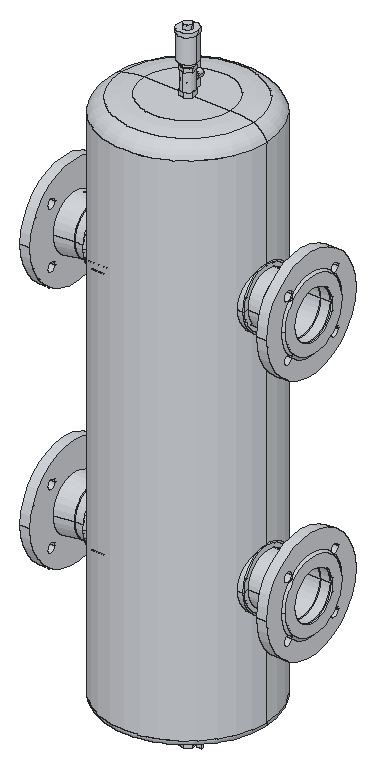
Revit family "Magnetic Dirt-Separator - R146IY110", category Plumbing Fixtures, Revit 2015
Reference planes
  plane 1 "Center (Front/Back)": y = 0
  plane 2: z = 0
  plane 3 "Center (Left/Right)": x = 0
  plane 4: y = 27.082
  plane 5: y = -27.082
  plane 6: y = 27.082
  plane 7: y = -27.082
  plane 8: y = 27.082
  plane 9: y = -27.082
  plane 10: z = 1284
  plane 11: z = 852
  plane 12: z = 352
  plane 13: x = 250
  plane 14: x = -250
  plane 15: x = -157
  plane 16: x = 157
  plane 17: y = 27.082
  plane 18: y = -27.082
  plane 19: y = 27.082
  plane 20: y = -27.082
  plane 21: y = 27.082
  plane 22: y = -27.082
Forms (mm)
  Revolve 1, solid
    sketch origin (0, 0, 3) x (1, 0, 0) y (0, 0, 1)
      loop
        line (-157, 1123.238) -> (-157, 90.761)
        arc (-157, 90.761) -> (-156.21, 86.246) -> (-153.935, 82.267) r 13.306
        arc (-153.935, 82.267) -> (-118.697, 65.042) -> (-80.023, 58.503) r 137.074
        line (-80.023, 58.503) -> (0, 58.503) -> (0, 1154.23) -> (-85.092, 1154.23)
        arc (-85.092, 1154.23) -> (-107.817, 1152.565) -> (-130.188, 1148.24) r 193.539
        arc (-130.188, 1148.24) -> (-146.791, 1139.167) -> (-157, 1123.238) r 38.188
      axis (0, 1154.23) -> (0, 58.503)
    angle from 0 to 360
  Extrusion 2, solid
    sketch origin (-37.5, 0, 28.737) x (0, 1, 0) y (0, 0, -1)
      loop
        circle (0, -323.263) r 50
    from -222.5 to 147.5
  Extrusion 3, solid
    sketch origin (0, 0, 37.792) x (0, -1, 0) y (1, 0, 0)
      loop
        line (-9.899, 9.899) -> (-13.523, -3.623) -> (-3.623, -13.523) -> (9.899, -9.899) -> (13.523, 3.623) -> (3.623, 13.523) -> (-9.899, 9.899)
    from 7.343 to 14.343
  Extrusion 4, solid
    sketch origin (0, 0, 53.87) x (0, -1, 0) y (1, 0, 0)
      loop
        circle (0, 0) r 12
    from -1.736 to 1.264
  Extrusion 5, solid
    sketch origin (0, 0, 49.331) x (0, -1, 0) y (1, 0, 0)
      loop
        circle (0, 0) r 13
    from 5.803 to 12.803
  Revolve 6, solid
    sketch origin (16.384, 0, 28.102) x (1, 0, 0) y (0, 1, 0)
      loop
        line (0.632, -8.291) -> (12.097, -8.291) -> (12.563, -7.291) -> (6.89, -7.291) -> (6.89, -2.2) -> (10.212, -2.2) -> (10.212, 0) -> (-27.115, 0) -> (-27.115, -7) -> (0.632, -7) -> (0.632, -8.291)
      axis (-27.115, 0) -> (12.563, 0)
    angle from 0 to 360
  Extrusion 7, solid
    sketch origin (0, -1, -5.625) x (-1, 0, 0) y (0, 0, 1)
      loop
        line (-17.015, 41.903) -> (-17.015, 47.933) -> (-19.099, 58.652) -> (-28.947, 58.652) -> (-28.947, 42.73) -> (-28.47, 41.903) -> (-17.015, 41.903)
      loop
        line (-19.099, 8.802) -> (-17.015, 19.522) -> (-17.015, 25.572) -> (-28.458, 25.572) -> (-28.947, 24.724) -> (-28.947, 8.802) -> (-19.099, 8.802)
    from 0 to 2
  SweptBlend 8, solid
    path origin (85, 0, 5) x (1, 0, 0) y (0, 0, 1)
      loop
        line (140, 347) -> (100, 347)
    profile origin (225, 0, 352) x (0, 0, -1) y (0, -1, 0)
      loop
        circle (0, 0) r 55
    end profile origin (185, 0, 352) x (0, 0, -1) y (0, -1, 0)
      loop
        circle (0, 0) r 50
  Extrusion 9, solid
    sketch origin (-147.5, 0, 28.737) x (0, 1, 0) y (0, 0, 1)
      loop
        circle (0, 323.263) r 110
    from -97.5 to -77.5
  SweptBlend 10, solid
    path origin (-85, 0, 5) x (-1, 0, 0) y (0, 0, -1)
      loop
        line (140, -347) -> (100, -347)
    profile origin (-225, 0, 352) x (0, 0, 1) y (0, -1, 0)
      loop
        circle (0, 0) r 55
    end profile origin (-185, 0, 352) x (0, 0, 1) y (0, -1, 0)
      loop
        circle (0, 0) r 50
  SweptBlend 11, solid
    path origin (-377.5, 0, 5) x (1, 0, 0) y (0, 0, 1)
      loop
        line (132.5, 347) -> (127.5, 347)
    profile origin (-245, 0, 352) x (0, 0, -1) y (0, -1, 0)
      loop
        circle (0, 0) r 75
    end profile origin (-250, 0, 352) x (0, 0, -1) y (0, -1, 0)
      loop
        circle (0, 0) r 70
  Extrusion 12, solid
    sketch origin (0, 0, -7.343) x (0, -1, 0) y (1, 0, 0)
      loop
        line (-9.899, 9.899) -> (-13.523, -3.623) -> (-3.623, -13.523) -> (9.899, -9.899) -> (13.523, 3.623) -> (3.623, 13.523) -> (-9.899, 9.899)
    from 7.343 to 17.343
  Extrusion 13, solid
    sketch origin (0, 0, 36.27) x (0, -1, 0) y (1, 0, 0)
      loop
        circle (0, 0) r 13
    from -26.27 to 8.865
  Extrusion 14, solid
    sketch origin (147.5, 0, 28.737) x (0, 1, 0) y (0, 0, -1)
      loop
        circle (0, -323.263) r 110
    from -97.5 to -77.5
  SweptBlend 15, solid
    path origin (377.5, 0, 5) x (-1, 0, 0) y (0, 0, -1)
      loop
        line (132.5, -347) -> (127.5, -347)
    profile origin (245, 0, 352) x (0, 0, 1) y (0, -1, 0)
      loop
        circle (0, 0) r 75
    end profile origin (250, 0, 352) x (0, 0, 1) y (0, -1, 0)
      loop
        circle (0, 0) r 70
  Extrusion 16, void
    sketch origin (85, -12.5, 5) x (0, 1, 0) y (0, 0, 1)
      loop
        circle (-45.307, 403.596) r 10
    from 134.322 to 170
  Extrusion 17, void
    sketch origin (85, 103.114, 5) x (0, 1, 0) y (0, 0, 1)
      loop
        circle (-45.307, 403.596) r 10
    from 134.322 to 170
  Extrusion 18, void
    sketch origin (85, 103.114, -108.193) x (0, 1, 0) y (0, 0, 1)
      loop
        circle (-45.307, 403.596) r 10
    from 134.322 to 170
  Extrusion 19, void
    sketch origin (85, -12.5, -108.193) x (0, 1, 0) y (0, 0, 1)
      loop
        circle (-45.307, 403.596) r 10
    from 134.322 to 170
  Extrusion 20, void
    sketch origin (-385, 103.114, 5) x (0, 1, 0) y (0, 0, 1)
      loop
        circle (-45.307, 403.596) r 10
    from 127.052 to 170
  Extrusion 21, void
    sketch origin (-385, 103.114, -108.193) x (0, 1, 0) y (0, 0, 1)
      loop
        circle (-45.307, 403.596) r 10
    from 129.816 to 170
  Extrusion 22, void
    sketch origin (-385, -12.5, -108.193) x (0, 1, 0) y (0, 0, 1)
      loop
        circle (-45.307, 403.596) r 10
    from 129.816 to 170
  Extrusion 23, void
    sketch origin (-385, -12.5, 5) x (0, 1, 0) y (0, 0, 1)
      loop
        circle (-45.307, 403.596) r 10
    from 129.816 to 170
  Revolve 24, solid
    sketch origin (0, 0, 352) x (1, 0, 0) y (0, 1, 0)
      loop
        line (-160.945, 50.471) -> (159.414, 50.471) -> (159.414, 58.822)
        arc (159.414, 58.822) -> (158.976, 59.878) -> (157.921, 60.315) r 1.492
        line (157.921, 60.315) -> (-159.453, 60.315)
        arc (-159.453, 60.315) -> (-160.508, 59.878) -> (-160.945, 58.822) r 1.492
        line (-160.945, 58.822) -> (-160.945, 50.471)
      axis (159.414, 0) -> (-160.945, 0)
    angle from 0 to 360
  Sweep 25, void
    path origin (0, 0, 90) x (1, 0, 0) y (0, 1, 0)
      loop
        line (-310, 0) -> (310, 0)
    profile origin (0, 0, 90) x (0, 1, 0) y (0, 0, 1)
      loop
        circle (0, 262) r 48
  Extrusion 26, solid
    sketch origin (0, 0, 1156.524) x (1, 0, 0) y (0, 1, 0)
      loop
        line (9.899, 9.899) -> (-3.623, 13.523) -> (-13.523, 3.623) -> (-9.899, -9.899) -> (3.623, -13.523) -> (13.523, -3.623) -> (9.899, 9.899)
    from -0.077 to 10.593
  Extrusion 27, solid
    sketch origin (0, 0, 1194.909) x (0, -1, 0) y (1, 0, 0)
      loop
        line (-9.899, 9.899) -> (-13.523, -3.623) -> (-3.623, -13.523) -> (9.899, -9.899) -> (13.523, 3.623) -> (3.623, 13.523) -> (-9.899, 9.899)
    from 7.343 to 14.343
  Extrusion 28, solid
    sketch origin (0, 0, 1210.987) x (0, -1, 0) y (1, 0, 0)
      loop
        circle (0, 0) r 12
    from -1.736 to 1.264
  Extrusion 29, solid
    sketch origin (0, 0, 1206.448) x (0, -1, 0) y (1, 0, 0)
      loop
        circle (0, 0) r 13
    from 5.803 to 12.803
  Revolve 30, solid
    sketch origin (0, 16.384, 1185.219) x (0, 1, 0) y (-1, 0, 0)
      loop
        line (0.632, -8.291) -> (12.097, -8.291) -> (12.563, -7.291) -> (6.89, -7.291) -> (6.89, -2.2) -> (10.212, -2.2) -> (10.212, 0) -> (-27.115, 0) -> (-27.115, -7) -> (0.632, -7) -> (0.632, -8.291)
      axis (-27.115, 0) -> (12.563, 0)
    angle from 0 to 360
  Extrusion 31, solid
    sketch origin (1, 0, 1151.492) x (0, -1, 0) y (0, 0, 1)
      loop
        line (-17.015, 41.903) -> (-17.015, 47.933) -> (-19.099, 58.652) -> (-28.947, 58.652) -> (-28.947, 42.73) -> (-28.47, 41.903) -> (-17.015, 41.903)
      loop
        line (-19.099, 8.802) -> (-17.015, 19.522) -> (-17.015, 25.572) -> (-28.458, 25.572) -> (-28.947, 24.724) -> (-28.947, 8.802) -> (-19.099, 8.802)
    from 0 to 2
  Extrusion 32, solid
    sketch origin (0, 0, 1193.387) x (0, -1, 0) y (1, 0, 0)
      loop
        circle (0, 0) r 13
    from -26.27 to 8.865
  Extrusion 33, solid
    sketch origin (0, 0, 1276) x (1, 0, 0) y (0, 1, 0)
      loop
        circle (0, 0) r 8
    from 0 to 8
  Extrusion 34, solid
    sketch origin (0, 0, 1269) x (1, 0, 0) y (0, 1, 0)
      loop
        circle (0, 0) r 20
    from 0 to 7
  Extrusion 35, solid
    sketch origin (0, 0, 1250.505) x (1, 0, 0) y (0, 1, 0)
      loop
        circle (0, 0) r 18
    from -31.254 to 18.495
  Extrusion 36, solid
    sketch origin (-37.5, 0, 528.737) x (0, 1, 0) y (0, 0, -1)
      loop
        circle (0, -323.263) r 50
    from -222.5 to 147.5
  SweptBlend 37, solid
    path origin (85, 0, 505) x (1, 0, 0) y (0, 0, 1)
      loop
        line (140, 347) -> (100, 347)
    profile origin (225, 0, 852) x (0, 0, -1) y (0, -1, 0)
      loop
        circle (0, 0) r 55
    end profile origin (185, 0, 852) x (0, 0, -1) y (0, -1, 0)
      loop
        circle (0, 0) r 50
  Extrusion 38, solid
    sketch origin (-147.5, 0, 528.737) x (0, 1, 0) y (0, 0, 1)
      loop
        circle (0, 323.263) r 110
    from -97.5 to -77.5
  SweptBlend 39, solid
    path origin (-85, 0, 505) x (-1, 0, 0) y (0, 0, -1)
      loop
        line (140, -347) -> (100, -347)
    profile origin (-225, 0, 852) x (0, 0, 1) y (0, -1, 0)
      loop
        circle (0, 0) r 55
    end profile origin (-185, 0, 852) x (0, 0, 1) y (0, -1, 0)
      loop
        circle (0, 0) r 50
  SweptBlend 40, solid
    path origin (-377.5, 0, 505) x (1, 0, 0) y (0, 0, 1)
      loop
        line (132.5, 347) -> (127.5, 347)
    profile origin (-245, 0, 852) x (0, 0, -1) y (0, -1, 0)
      loop
        circle (0, 0) r 75
    end profile origin (-250, 0, 852) x (0, 0, -1) y (0, -1, 0)
      loop
        circle (0, 0) r 70
  Extrusion 41, solid
    sketch origin (147.5, 0, 528.737) x (0, 1, 0) y (0, 0, -1)
      loop
        circle (0, -323.263) r 110
    from -97.5 to -77.5
  SweptBlend 42, solid
    path origin (377.5, 0, 505) x (-1, 0, 0) y (0, 0, -1)
      loop
        line (132.5, -347) -> (127.5, -347)
    profile origin (245, 0, 852) x (0, 0, 1) y (0, -1, 0)
      loop
        circle (0, 0) r 75
    end profile origin (250, 0, 852) x (0, 0, 1) y (0, -1, 0)
      loop
        circle (0, 0) r 70
  Extrusion 43, void
    sketch origin (85, -12.5, 505) x (0, 1, 0) y (0, 0, 1)
      loop
        circle (-45.307, 403.596) r 10
      loop
        circle (70.307, 403.596) r 10
      loop
        circle (70.307, 290.404) r 10
      loop
        circle (-45.307, 290.404) r 10
    from 134.322 to 170
  Extrusion 44, void
    sketch origin (-385, 103.114, 505) x (0, 1, 0) y (0, 0, 1)
      loop
        circle (-45.307, 403.596) r 10
      loop
        circle (-160.921, 403.596) r 10
      loop
        circle (-160.921, 290.404) r 10
      loop
        circle (-45.307, 290.404) r 10
    from 127.052 to 170
  Revolve 45, solid
    sketch origin (0, 0, 852) x (1, 0, 0) y (0, 1, 0)
      loop
        line (-160.945, 50.471) -> (159.414, 50.471) -> (159.414, 58.822)
        arc (159.414, 58.822) -> (158.976, 59.878) -> (157.921, 60.315) r 1.492
        line (157.921, 60.315) -> (-159.453, 60.315)
        arc (-159.453, 60.315) -> (-160.508, 59.878) -> (-160.945, 58.822) r 1.492
        line (-160.945, 58.822) -> (-160.945, 50.471)
      axis (159.414, 0) -> (-160.945, 0)
    angle from 0 to 360
  Sweep 46, void
    path origin (0, 0, 0) x (1, 0, 0) y (0, 0, 1)
      loop
        line (465, 852) -> (-360, 852)
    profile origin (52.5, 0, 852) x (0, 0, -1) y (0, -1, 0)
      loop
        circle (0, 0) r 48
Cuts and joins
  Extrusion 16, Sweep 25, Sweep 46 cuts Revolve 1
  Extrusion 16, Extrusion 17, Extrusion 18, Extrusion 19, Sweep 25, Extrusion 43 cuts Extrusion 14
  Extrusion 16, Extrusion 17, Extrusion 18, Extrusion 19, Sweep 25, Extrusion 43 cuts SweptBlend 15
  Extrusion 20, Extrusion 21, Extrusion 22, Extrusion 23, Sweep 25, Extrusion 44 cuts Extrusion 9
  Extrusion 20, Extrusion 21, Extrusion 22, Extrusion 23, Sweep 25, Extrusion 44 cuts SweptBlend 11
  Sweep 25 cuts Extrusion 2
  Sweep 25 cuts SweptBlend 8
  Sweep 25 cuts SweptBlend 10
  Extrusion 43, Sweep 46 cuts Extrusion 41
  Extrusion 43, Sweep 46 cuts SweptBlend 42
  Extrusion 44, Sweep 46 cuts Extrusion 38
  Extrusion 44, Sweep 46 cuts SweptBlend 40
  Sweep 46 cuts Extrusion 36
  Sweep 46 cuts SweptBlend 37
  Sweep 46 cuts SweptBlend 39
Dimensions and locks
  level to plane 10 = 1284 mm
  level to plane 12 = 352 mm
  plane 12 to plane 11 = 500 mm
  plane 11 to plane 10 = 432 mm
  plane 16 to plane 3 "Center (Left/Right)" = 157 mm
  plane 3 "Center (Left/Right)" to plane 15 = 157 mm
  plane 13 to plane 3 "Center (Left/Right)" = 250 mm
  plane 3 "Center (Left/Right)" to plane 14 = 250 mm
  aligned and locked: level to plane 2
